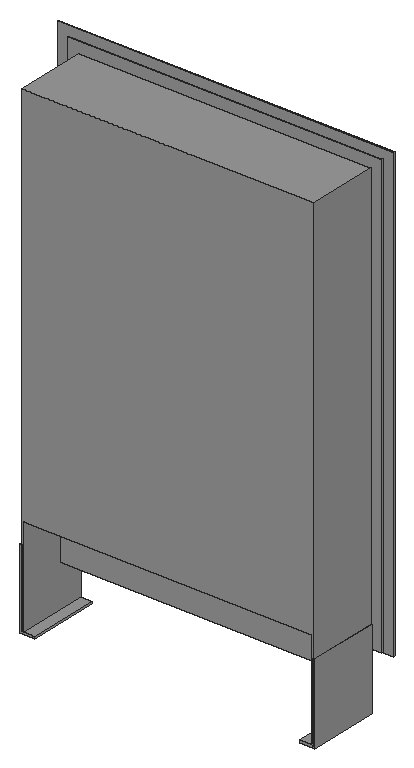
Revit family "Slim+ recess mounted cabinet", category Mechanical Equipment, host Wall, Revit 2017
Family settings
  Host = Wall
  Round Connector Dimension = Use Diameter
  Part Type = Normal
  Always vertical = Yes
  Cut with Voids When Loaded = Yes
  Shared = No
  Room Calculation Point = No
Parameters (values of type "Slim+ 450")
  supp_reference_Floor_refLevel [instance] = D / 2  # 55 mm
  real_Floor_Gap [instance] = if(Floor_Gap < 89 mm, 89 mm, if(Floor_Gap > 119 mm, 119 mm, Floor_Gap))  # 89 mm
  real_H [instance] = if(H < H_min, H_min, if(H > H_max, H_max, H))  # 750 mm
  real_D [instance] = if(D < D_min, D_min, if(D > D_max, D_max, D))  # 110 mm
  supp_height [instance] = H_min - 89 mm - supp_Floor_Gap  # 661 mm
  W [instance] = 330 mm
  Hatch_Color = Color: RAL 9016
  Floor_Gap [instance] = 89 mm
  supp_Floor_Gap [instance] = if(Floor_Gap < 89 mm, 0 mm, if(Floor_Gap > 119 mm, 30 mm, Floor_Gap - 89 mm))  # 0 mm
  Visible_Hatch [instance] = yes
  Range FloorGap [instance] = "89mm - 119mm"  # constant formula
  L1 [instance] = L + 68 mm  # 518 mm
  L [instance] = 450 mm
  H_min [instance] = 750 mm  # constant formula
  H_max [instance] = 850 mm  # constant formula
  H1_min [instance] = 785 mm  # constant formula
  H1_max [instance] = 915 mm  # constant formula
  H1 [instance] = real_H + supp_Floor_Gap + 35 mm  # 785 mm
  H [instance] = 750 mm
  D_min [instance] = 110 mm  # constant formula
  D_max [instance] = 160 mm  # constant formula
  D1 [instance] = D + 2 mm  # 112 mm
  D [instance] = 110 mm
  Code = "1414183018"
  Body_Cabinet_Material = Carbon Steel, Galvanized
Types (6, lengths in mm): name | W | L1 | L | Code
  Slim+ 450 | 330 | 518 | 450 | "1414183018"
  Slim+ 550 | 330 | 618 | 550 | "1414183019"
  Slim+ 700 | 500 | 768 | 700 | "1414183020"
  Slim+ 850 | 500 | 918 | 850 | "1414183021"
  Slim+ 1000 | 670 | 1068 | 1000 | "1414183022"
  Slim+ 1200 | 670 | 1268 | 1200 | "1414183023"
Reference planes
  plane 1: y = 0
  plane 2 "Center (Left/Right)": x = 0
  plane 3 "Wall Edge": y = 150
  plane 4: z = 0
  plane 5: z = 661
  plane 6: z = 495.75
  plane 7: z = 330.5
  plane 8: z = 165.25
  plane 9: y = 95
Lines and regions (mm)
  reference lines
    curve 1: line (-340, 150, 0) -> (380, 150, 0)
Text (mm)
  text "Placement Side" at (0, 1019.848, 3124.603), in view "Right"
  text "Placement Side" at (-1787.662, 723.012, 0), in view "Ref. Level"
  text "Placement Side" at (0, 2073.289, 3571.227), in view "Left"
Dimensions and locks
  locked: plane 3 "Wall Edge" to host wall
  "supp_height": plane 5 to plane 4
  equal spacing: level, plane 8, plane 7, plane 6, plane 5
  "supp_reference_Floor_refLevel": plane 9 to plane 3 "Wall Edge"
  aligned and locked: plane 5 to nested 1
Automatic sketch dimensions
  curve 1 to level = 0 mm
  curve 1 to plane 2 "Center (Left/Right)" = 340 mm
  plane 2 "Center (Left/Right)" to curve 1 = 380 mm
Nested families
  nested 1: "Body_Slim" at (0, 0, -3), Visible_Door <- "Visible_Hatch", H <- "H", floor_gap_dimmension <- "supp_Floor_Gap", D1 <- "D1", L <- "L", L1 <- "L1", D <- "D", H1 <- "H1", Cabinet_Body_Material <- "Body_Cabinet_Material", H_min <- "H_min", H_max <- "H_max", H1_min <- "H1_min", H1_max <- "H1_max", D_min <- "D_min", D_max <- "D_max", Hatch_Color <- "Hatch_Color", real_floor_gap <- "real_Floor_Gap", W <- "W", type "Slim 350"
    with supp_H1 699 mm, supp_H 664 mm, real_floor_gap 89 mm, real_H1 785 mm, real_H 750 mm, real_D 110 mm, plate_thickness_2 2 mm, plate_thickness 3 mm, height_hatch 696 mm, for_void 89 mm, floor_gap_dimmension 0 mm, constant_Dim 86 mm, botton_bar 39.7 mm, back_cutout 66 mm, W 330 mm, Visible_Door yes, L_hole 455 mm, L1 518 mm, L 450 mm, Hatch_Color Color: RAL 9016, H_min 750 mm, H_max 850 mm, H1_min 785 mm, H1_max 915 mm, H1 785 mm, H 750 mm, D_min 110 mm, D_max 160 mm, D1 112 mm, D 110 mm, Cabinet_Body_Material Carbon Steel, Galvanized, 1/2D 55 mm
Definition of nested family "Body_Slim"
  Parameters (values of type "Slim 350")
    real_floor_gap [instance] = 44 mm
    real_H1 [instance] = H + 35 mm  # 695 mm
    real_H [instance] = if(H < H_min, H_min, if(H > H_max, H_max, H))  # 750 mm
    real_D [instance] = if(D < D_min, D_min, if(D > D_max, D_max, D))  # 110 mm
    plate_thickness_2 [instance] = 2 mm  # constant formula
    height_hatch [instance] = 696 mm  # constant formula
    for_void [instance] = real_H - H_min + 89 mm  # 89 mm
    floor_gap_dimmension [instance] = 30 mm
    constant_Dim [instance] = 86 mm  # constant formula
    back_cutout [instance] = 66 mm  # constant formula
    W [instance] = 221.353 mm
    Visible_Door [instance] = yes
    botton_bar [instance] = 39.7 mm  # constant formula
    plate_thickness [instance] = 3 mm  # constant formula
    supp_H1 [instance] = if(real_H1 = 595 mm, real_H1 - constant_Dim, if(real_H1 > 595 mm, real_H1 - (constant_Dim + (real_H1 - H1_min)), 100 mm))  # 699 mm
    supp_H [instance] = if(real_H = 560 mm, real_H - constant_Dim, if(real_H > 560 mm, real_H - (constant_Dim + (real_H - H_min)), 100 mm))  # 664 mm
    L_hole [instance] = L + 5 mm  # 355 mm
    L1 [instance] = 418 mm
    L [instance] = 350 mm
    Hatch_Color [instance] = none
    H_max [instance] = 850 mm
    H_min [instance] = 750 mm
    H1_min [instance] = 785 mm
    H1_max [instance] = 915 mm
    H1 [instance] = 615 mm
    H [instance] = 660 mm
    D_min [instance] = 110 mm
    D_max [instance] = 160 mm
    D1 [instance] = 142 mm
    D [instance] = 110 mm
    Code = "1445117036"
    Cabinet_Body_Material [instance] = none
    1/2D [instance] = real_D / 2  # 55 mm
  Reference planes
    plane 1: y = 0
    plane 2 "Center (Left/Right)": x = 0
    plane 3 "Wall Edge": y = 150
    plane 4: x = -177.5
    plane 5: x = 177.5
    plane 6 "H_Top": z = 664
    plane 7 "H1_Top": z = 699
    plane 8: x = -175
    plane 9: x = 175
    plane 10: x = -172
    plane 11: x = 172
    plane 12: z = 661
    plane 13: z = 0
    plane 14: y = -75
    plane 15: y = 75
    plane 16: y = -150
    plane 17 "real_D": y = -20
    plane 18: x = 172
    plane 19: x = -172
    plane 20: y = 112.5
    plane 21 "D_real": y = 40
    plane 22 "plate_": y = 43
    plane 23: x = -87.5
    plane 24: x = 87.5
    plane 25 "back_cut": z = 66
    plane 26: y = 147
    plane 27 "plate_th": z = 661
    plane 28 "L1_p": x = -209
    plane 29 "L1_L": x = 209
    plane 30: y = 152
    plane 31: y = 154
    plane 32 "height_hatch": z = 696
    plane 33 "popiecie": z = 0
    plane 34: z = 30
    plane 35 "For_Void": z = -89
    plane 36 "floor gap": z = -44
    plane 37 "Dim_Const": z = -86
    plane 38 "height_Hatch": z = 726
    plane 39: x = 110.677
    plane 40: x = -110.677
    plane 41: z = 628
  Forms (mm)
    Extrusion 1, void
      sketch origin (0, 150, 0) x (1, 0, 0) y (0, 0, 1)
        loop
          line (177.5, -89) -> (177.5, 664) -> (-177.5, 664) -> (-177.5, -89) -> (177.5, -89)
      from 0 to 110
    Extrusion 2, solid, material <- "Cabinet_Body_Material", detail levels fine
      sketch origin (0, 150, 0) x (1, 0, 0) y (0, 0, 1)
        loop
          line (-175, -86) -> (175, -86) -> (175, 664) -> (-175, 664) -> (-175, -86)
      from 0 to 110
    Sweep 3, solid, material <- "Cabinet_Body_Material", detail levels fine
      path origin (0, 150, 0) x (1, 0, 0) y (0, 0, 1)
        loop
          line (-172, 30) -> (-172, 661) -> (172, 661) -> (172, 30)
      profile "Cabinet perimeter : Family1" origin (-172, 150, 345.5) x (-1, 0, 0) y (0, -1, 0)
        loop
          line (0, 0) -> (0, -2) -> (20, -2) -> (20, 0) -> (0, 0)
    Sweep 4, solid, material <- "Cabinet_Body_Material", detail levels fine
      path in 3D
        loop
          line (177.5, 150, -89) -> (177.5, 40, -89)
      profile "Right_leg : Family5" origin (177.5, 95, -89) x (1, 0, 0) y (0, 0, 1)
        loop
          line (0, 0) -> (0, 123) -> (-3, 123) -> (-3, 3) -> (-23, 3) -> (-23, 0) -> (0, 0)
    Sweep 5, solid, material <- "Cabinet_Body_Material", detail levels fine
      path in 3D
        loop
          line (-177.5, 150, -89) -> (-177.5, 40, -89)
      profile "Left_Leg : Family6" origin (-177.5, 95, -89) x (1, 0, 0) y (0, 0, 1)
        loop
          line (0, 123) -> (0, 0) -> (23, 0) -> (23, 3) -> (3, 3) -> (3, 123) -> (0, 123)
    Extrusion 6, void
      sketch origin (0, 150, 0) x (1, 0, 0) y (0, 0, 1)
        loop
          line (172, -86) -> (172, 661) -> (-172, 661) -> (-172, -86) -> (172, -86)
      from 0 to 107
    Extrusion 7, void
      sketch origin (0, 150, 0) x (1, 0, 0) y (0, 0, 1)
        loop
          line (-172, 66) -> (-172, -86) -> (172, -86) -> (172, 66) -> (-172, 66)
      from 0 to 110
    Sweep 8, solid, detail levels fine
      path in 3D
        loop
          line (0, 112.5, 661) -> (0, 147, 661)
      profile origin (0, 129.75, 661) x (-1, 0, 0) y (0, 0, 1)
        loop
          line (-18.803, 0) -> (-18.803, -4.004) -> (18.803, -4.004) -> (18.803, 0) -> (-18.803, 0)
    Sweep 9, solid, material <- "Cabinet_Body_Material", detail levels fine
      path in 3D
        loop
          line (0, 147, 661) -> (0, 150, 661)
      profile "L : 10mm" origin (0, 148.5, 661) x (-1, 0, 0) y (0, 0, 1)
        loop
          arc (18.803, -10.696) -> (20.855, -5.348) -> (18.803, 0) r 7.994
          line (18.803, 0) -> (-18.803, 0) -> (-18.803, -52.271)
          arc (-18.803, -52.271) -> (-13.455, -54.165) -> (-8.107, -52.271) r 8.5
          line (-8.107, -52.271) -> (-8.107, -10.696) -> (18.803, -10.696)
    Extrusion 10, solid, material <- "Hatch_Color", visible <- "Visible_Door", detail levels fine
      sketch origin (0, 150, 0) x (1, 0, 0) y (0, 0, 1)
        loop
          line (-209, 30) -> (209, 30) -> (209, 726) -> (-209, 726) -> (-209, 30)
      from -4 to -2
    Extrusion 11, solid, visible <- "Visible_Door", detail levels fine
      sketch origin (0, 150, 152.657) x (1, 0, 0) y (0, 0, 1)
        loop
          circle (0, 482.056) r 15
        loop
          line (2, 495.571) -> (-2, 495.571) -> (-2, 469.321) -> (2, 469.321) -> (2, 495.571)
      from -5.798 to -2
    Sweep 12, solid, material <- "Cabinet_Body_Material", detail levels fine
      path in 3D
        loop
          line (-172, 112.5, 30) -> (172, 112.5, 30)
      profile "T : Family4" origin (0, 112.5, 30) x (0, 1, 0) y (0, 0, 1)
        loop
          line (-2, -20) -> (12, -20) -> (12, -16) -> (2, -16) -> (2, 16) -> (7, 16) -> (7, 20) -> (-2, 20) -> (-2, -20)
    Extrusion 13, solid, visible <- "Visible_Door", not visible, detail levels fine
      sketch origin (0, 150, 0) x (1, 0, 0) y (0, 0, 1)
        loop
          circle (0, 482.056) r 15
        loop
          line (2, 495.571) -> (-2, 495.571) -> (-2, 469.321) -> (2, 469.321) -> (2, 495.571)
      from -5.798 to -2
    Sweep 14, solid, detail levels fine
      path in 3D
        loop
          line (-87.5, 43, 628) -> (110.677, 43, 628)
      profile "U_Lath : Family3" origin (11.588, 43, 628) x (0, 0, -1) y (0, 1, 0)
        loop
          line (0, 5) -> (2, 5) -> (2, 0) -> (26, 0) -> (26, 5) -> (28, 5) -> (28, 7) -> (24, 7) -> (24, 2) -> (4, 2) -> (4, 7) -> (0, 7) -> (0, 5)
  Cuts and joins
    Extrusion 6, Extrusion 7 cuts Extrusion 2
    Extrusion 7 cuts Sweep 4
    Extrusion 7 cuts Sweep 5
  Lines and regions (mm)
    reference lines
      curve 1: line (-172, 112.5, 30) -> (172, 112.5, 30)
      curve 2: line (177.5, 150, -89) -> (177.5, 40, -89)
      curve 4: line (-177.5, 150, -89) -> (-177.5, 40, -89)
      curve 6: line (0, 112.5, 661) -> (0, 147, 661)
      curve 8: line (0, 147, 661) -> (0, 150, 661)
      curve 11: line (0, -491, -44) -> (0, 639, -44)
      curve 12: line (-2, 150, 635.104) -> (-62, 150, 635.104)
      curve 14: line (-87.5, 43, 628) -> (110.677, 43, 628)
    sketch lines
      curve 3: line (177.5, 150, -89) -> (177.5, 40, -89)
      curve 5: line (-177.5, 150, -89) -> (-177.5, 40, -89)
      curve 7: line (0, 112.5, 661) -> (0, 147, 661)
      curve 9: line (0, 147, 661) -> (0, 150, 661)
      curve 10: line (-172, 112.5, 30) -> (172, 112.5, 30)
      curve 15: line (-87.5, 43, 628) -> (110.677, 43, 628)
    reference lines, not visible
      curve 13: line (-2, 150, 482.446) -> (-62, 150, 482.446)
  Text (mm)
    text "Placement Side" at (0, 1019.848, 3124.603), in view "Right"
    text "Placement Side" at (-1787.662, 723.012, 0), in view "Ref. Level"
    text "Placement Side" at (0, 2073.289, 3571.227), in view "Left"
  Dimensions and locks
    locked: plane 3 "Wall Edge" to host wall
    equal spacing: plane 4, plane 2 "Center (Left/Right)", plane 5
    "L_hole": plane 4 to plane 5
    "supp_H": level to plane 6 "H_Top"
    "supp_H1": level to plane 7 "H1_Top"
    equal spacing: plane 8, plane 2 "Center (Left/Right)", plane 9
    "L": plane 8 to plane 9
    "plate_thickness": plane 12 to plane 6 "H_Top"
    "plate_thickness": plane 8 to plane 10
    "plate_thickness": plane 11 to plane 9
    equal spacing: plane 16, plane 14, plane 1, plane 15, plane 3 "Wall Edge"
    "plate_thickness": plane 8 to plane 19
    "plate_thickness": plane 18 to plane 9
    equal spacing: plane 3 "Wall Edge", plane 20, plane 15
    "real_D": plane 21 "D_real" to plane 3 "Wall Edge"
    "plate_thickness": plane 22 "plate_" to plane 21 "D_real"
    "back_cutout": level to plane 25 "back_cut"
    equal spacing: plane 2 "Center (Left/Right)", plane 24, plane 9
    equal spacing: plane 2 "Center (Left/Right)", plane 23, plane 8
    "plate_thickness": plane 3 "Wall Edge" to plane 26
    "plate_thickness": plane 27 "plate_th" to plane 6 "H_Top"
    equal spacing: plane 28 "L1_p", plane 2 "Center (Left/Right)", plane 29 "L1_L"
    "L1": plane 28 "L1_p" to plane 29 "L1_L"
    "plate_thickness_2": plane 3 "Wall Edge" to plane 30
    "plate_thickness_2": plane 31 to plane 30
    "height_hatch": level to plane 32 "height_hatch"
    "floor_gap_dimmension": level to plane 34
    "for_void": plane 35 "For_Void" to level
    "real_floor_gap": plane 36 "floor gap" to level
    "constant_Dim": plane 37 "Dim_Const" to level
    "height_hatch": plane 34 to plane 38 "height_Hatch"
    equal spacing: plane 40, plane 2 "Center (Left/Right)", plane 39
    "W": plane 40 to plane 39
    plane 41 to plane 6 "H_Top" = 36 mm
    curve 12 to Sweep 3 = 25.896 mm
    aligned and locked: plane 4 to Extrusion 1 sketch curve
    aligned and locked: Extrusion 1 sketch curve to plane 5
    aligned and locked: plane 6 "H_Top" to Extrusion 1 sketch curve
    aligned and locked: plane 9 to Extrusion 2 sketch curve
    aligned and locked: Extrusion 2 sketch curve to plane 8
    aligned and locked: Extrusion 2 sketch curve to plane 6 "H_Top"
    aligned and locked: plane 12 to Sweep 3 sketch curve
    aligned and locked: Sweep 3 sketch curve to plane 10
    aligned and locked: Sweep 3 sketch curve to plane 11
    aligned and locked: curve 1 to plane 18
    aligned and locked: curve 1 to plane 19
    aligned and locked: plane 5 to curve 2
    aligned and locked: plane 4 to curve 4
    aligned and locked: curve 1 to plane 20
    aligned and locked: plane 3 "Wall Edge" to curve 2
    aligned and locked: plane 21 "D_real" to curve 2
    aligned and locked: plane 3 "Wall Edge" to curve 4
    aligned and locked: Extrusion 6 sketch curve to Sweep 3  (x3)
    aligned and locked: Extrusion 7 sketch curve to Sweep 3
    aligned and locked: plane 25 "back_cut" to Extrusion 7 sketch curve
    aligned and locked: plane 18 to Extrusion 7 sketch curve
    aligned and locked: nested 1 to plane 24
    aligned and locked: nested 2 to plane 23
    aligned and locked: nested 2 to plane 25 "back_cut"
    aligned and locked: plane 25 "back_cut" to nested 1
    aligned and locked: plane 22 "plate_" to nested 1
    aligned and locked: plane 22 "plate_" to nested 2
    aligned and locked: plane 26 to curve 6
    aligned and locked: plane 3 "Wall Edge" to curve 8
    aligned and locked: Sweep 8 sketch curve to Sweep 9
    aligned and locked: Extrusion 10 sketch curve to plane 28 "L1_p"
    aligned and locked: Extrusion 10 sketch curve to plane 29 "L1_L"
    aligned and locked: Extrusion 11 to Sweep 3
    aligned and locked: plane 33 "popiecie" to level
    aligned and locked: plane 34 to Extrusion 10
    aligned and locked: Sweep 3 sketch curve to plane 34  (x2)
    aligned and locked: Extrusion 6 to plane 22 "plate_"
    aligned and locked: Extrusion 1 to plane 35 "For_Void"
    aligned and locked: Extrusion 6 to Extrusion 7
    aligned and locked: Extrusion 2 to Extrusion 6
    aligned and locked: cut or joined group of Extrusion 2, Extrusion 6, Extrusion 7 to plane 21 "D_real"
    aligned and locked: plane 21 "D_real" to curve 4
    aligned and locked: Extrusion 1 to plane 21 "D_real"
    aligned and locked: Extrusion 7 to plane 21 "D_real"
    aligned and locked: cut or joined group of Extrusion 2, Extrusion 6, Extrusion 7 to plane 37 "Dim_Const"
    aligned and locked: Extrusion 10 sketch curve to plane 38 "height_Hatch"
    aligned and locked: plane 39 to curve 14
    aligned and locked: plane 23 to curve 14
    aligned and locked: plane 41 to curve 14
  Automatic sketch dimensions
    Sweep 8 sketch curve to profile plane = 4.004 mm
    profile plane to Sweep 8 sketch curve = 18.803 mm
    Sweep 8 sketch curve to profile plane = 18.803 mm
    curve 6 to plane 2 "Center (Left/Right)" = 0 mm
    curve 6 to plane 20 = 0 mm
    Extrusion 11 sketch curve to Extrusion 11 sketch curve = 12.734 mm
    Extrusion 11 sketch curve to Extrusion 11 sketch curve = 13.516 mm
    host wall to curve 11 = 341 mm
    plane 31 to curve 11 = 485 mm
    Extrusion 11 sketch curve to Extrusion 11 sketch curve = 2 mm
    Extrusion 11 sketch curve to Extrusion 11 sketch curve = 4 mm
    Extrusion 13 sketch curve to Extrusion 13 sketch curve = 12.734 mm
    Extrusion 13 sketch curve to Extrusion 13 sketch curve = 13.516 mm
    Extrusion 13 sketch curve to Extrusion 13 sketch curve = 2 mm
    Extrusion 13 sketch curve to Extrusion 13 sketch curve = 4 mm
    curve 12 to curve 12 = 60 mm
    curve 13 to curve 13 = 60 mm
    Extrusion 6 sketch curve to plane 36 "floor gap" = 42 mm
    curve 2 to plane 21 "D_real" = 0 mm
    curve 4 to plane 22 "plate_" = 3 mm
    Extrusion 7 sketch curve to plane 36 "floor gap" = 42 mm
    Extrusion 2 sketch curve to plane 36 "floor gap" = 42 mm
    Extrusion 1 sketch curve to plane 35 "For_Void" = 0 mm
    plane 35 "For_Void" to curve 11 = 45 mm
    level to Extrusion 10 sketch curve = 30 mm
    radius of Extrusion 11 sketch curve = 15 mm
    radius of Extrusion 13 sketch curve = 15 mm
  Nested families
    nested 1: "Lath" at (87.5, 43, 306) x (-1, 0, 0) z (0, 0, 1), type "Lath", detail levels fine
      with width 25 mm, thickness 5 mm, srua-dl 8 mm, podkladka 1 mm, nakretka dl 6 mm, height 480 mm, diameter_srub 7 mm, diameter_podkładki 20 mm
    nested 2: "Lath" at (-87.5, 43, 306) x (-1, 0, 0) z (0, 0, 1), type "Lath", detail levels fine
      with width 25 mm, thickness 5 mm, srua-dl 8 mm, podkladka 1 mm, nakretka dl 6 mm, height 480 mm, diameter_srub 7 mm, diameter_podkładki 20 mm
  Definition of nested family "Lath"
    Parameters (values of type "Lath")
      width [instance] = 25 mm  # constant formula
      thickness [instance] = 5 mm  # constant formula
      srua-dl [instance] = 8 mm  # constant formula
      podkladka [instance] = 1 mm  # constant formula
      nakretka dl [instance] = 6 mm  # constant formula
      height [instance] = 480 mm  # constant formula
      diameter_srub [instance] = 7 mm  # constant formula
      diameter_podkładki [instance] = 20 mm  # constant formula
      Default Elevation = 1219.2 mm
    Reference planes
      plane 1 "Center (Front/Back)": y = 0
      plane 2: z = 0
      plane 3 "Center (Left/Right)": x = 0
      plane 4: x = -12.5
      plane 5: x = 12.5
      plane 6: z = 240
      plane 7: z = -240
      plane 8: y = -5
      plane 9: y = -6
      plane 10: z = -120
      plane 11: z = 60
      plane 12: z = 180
      plane 13: z = -60
      plane 14: z = -180
      plane 15: z = 120
      plane 16: y = -12
      plane 17: y = -20
    Forms (mm)
      Extrusion 1, solid
        sketch origin (0, 0, 0) x (1, 0, 0) y (0, 0, 1)
          loop
            line (-12.5, 240) -> (-12.5, -240) -> (12.5, -240) -> (12.5, 240) -> (-12.5, 240)
        from 0 to 5
      Extrusion 2, solid
        sketch origin (0, 0, 0) x (1, 0, 0) y (0, 0, 1)
          loop
            circle (0, 180) r 10
          loop
            circle (0, 60) r 10
          loop
            circle (0, -60) r 10
          loop
            circle (0, -180) r 10
        from 5 to 6
      Extrusion 3, solid
        sketch origin (0, 0, 0) x (1, 0, 0) y (0, 0, 1)
          loop
            line (4, 173.072) -> (8, 180) -> (4, 186.928) -> (-4, 186.928) -> (-8, 180) -> (-4, 173.072) -> (4, 173.072)
          loop
            line (4, 53.072) -> (8, 60) -> (4, 66.928) -> (-4, 66.928) -> (-8, 60) -> (-4, 53.072) -> (4, 53.072)
          loop
            line (4, -66.928) -> (8, -60) -> (4, -53.072) -> (-4, -53.072) -> (-8, -60) -> (-4, -66.928) -> (4, -66.928)
          loop
            line (4, -186.928) -> (8, -180) -> (4, -173.072) -> (-4, -173.072) -> (-8, -180) -> (-4, -186.928) -> (4, -186.928)
        from 6 to 12
      Extrusion 4, solid
        sketch origin (0, 0, 0) x (1, 0, 0) y (0, 0, 1)
          loop
            circle (0, 180) r 3.5
          loop
            circle (0, 60) r 3.5
          loop
            circle (0, -60) r 3.5
          loop
            circle (0, -180) r 3.5
        from 12 to 20
    Dimensions and locks
      equal spacing: plane 6, level, plane 7
      "height": plane 6 to plane 7
      equal spacing: plane 5, plane 3 "Center (Left/Right)", plane 4
      "width": plane 5 to plane 4
      "thickness": plane 1 "Center (Front/Back)" to plane 8
      "podkladka": plane 8 to plane 9
      equal spacing: plane 6, plane 15, level
      equal spacing: level, plane 10, plane 7
      equal spacing: plane 10, plane 14, plane 7
      equal spacing: level, plane 13, plane 10
      equal spacing: plane 15, plane 11, level
      equal spacing: plane 6, plane 12, plane 15
      "nakretka dl": plane 9 to plane 16
      "srua-dl": plane 16 to plane 17
      "diameter_podkładki": diameter of Extrusion 2 sketch curve  (x4)
      "diameter_srub": diameter of Extrusion 4 sketch curve  (x4)
      aligned and locked: plane 2 to level
      aligned and locked: Extrusion 1 sketch curve to plane 6
      aligned and locked: Extrusion 1 sketch curve to plane 4
      aligned and locked: plane 7 to Extrusion 1 sketch curve
      aligned and locked: Extrusion 1 sketch curve to plane 5
      aligned and locked: Extrusion 1 to plane 8
      aligned and locked: plane 3 "Center (Left/Right)" to Extrusion 2 sketch curve  (x4)
      aligned and locked: plane 14 to Extrusion 2 sketch curve
      aligned and locked: plane 13 to Extrusion 2 sketch curve
      aligned and locked: plane 11 to Extrusion 2 sketch curve
      aligned and locked: plane 12 to Extrusion 2 sketch curve
      aligned and locked: Extrusion 2 to Extrusion 1
      aligned and locked: Extrusion 2 to plane 9
      aligned and locked: Extrusion 3 to plane 9
      aligned and locked: Extrusion 3 to plane 16
      aligned and locked: Extrusion 4 to Extrusion 3
      aligned and locked: Extrusion 4 to plane 17
    Automatic sketch dimensions
      Extrusion 3 sketch curve to plane 11 = 0 mm  (x2)
      Extrusion 3 sketch curve to plane 14 = 0 mm  (x2)
      Extrusion 3 sketch curve to plane 13 = 0 mm  (x2)
      Extrusion 3 sketch curve to plane 12 = 0 mm  (x2)
      plane 4 to Extrusion 3 sketch curve = 4.5 mm  (x4)
      Extrusion 3 sketch curve to plane 3 "Center (Left/Right)" = 4 mm  (x8)
      plane 3 "Center (Left/Right)" to Extrusion 3 sketch curve = 4 mm  (x8)
      Extrusion 3 sketch curve to plane 5 = 4.5 mm  (x4)
      plane 14 to Extrusion 3 sketch curve = 6.928 mm
      Extrusion 3 sketch curve to plane 14 = 6.928 mm
      plane 13 to Extrusion 3 sketch curve = 6.928 mm
      Extrusion 3 sketch curve to plane 13 = 6.928 mm
      plane 11 to Extrusion 3 sketch curve = 6.928 mm
      Extrusion 3 sketch curve to plane 11 = 6.928 mm
      plane 12 to Extrusion 3 sketch curve = 6.928 mm
      Extrusion 3 sketch curve to plane 12 = 6.928 mm
      Extrusion 4 sketch curve to plane 3 "Center (Left/Right)" = 0 mm  (x4)
      Extrusion 4 sketch curve to plane 14 = 0 mm
      Extrusion 4 sketch curve to plane 13 = 0 mm
      Extrusion 4 sketch curve to plane 11 = 0 mm
      Extrusion 4 sketch curve to plane 12 = 0 mm
